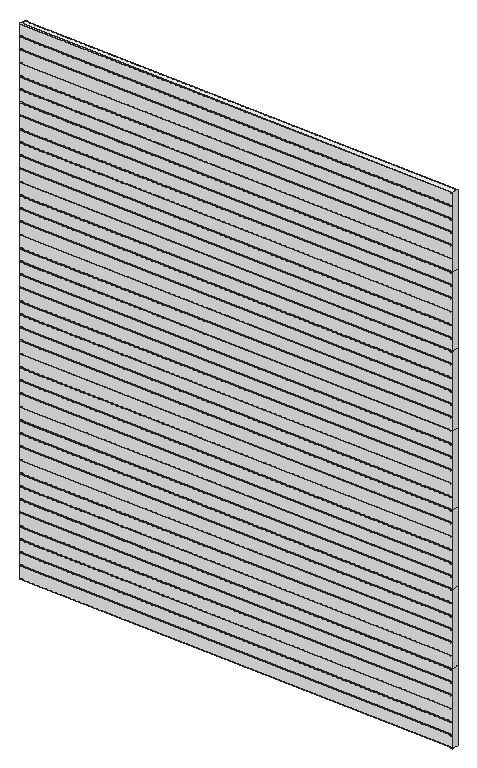
Revit family "3715-1Basic", category Doors, host Wall, Revit 2024
Family settings
  Host = Wall
  OmniClass Number = 23.30.10.17.37.14
  OmniClass Title = Sectional Overhead Doors
  Always vertical = Yes
  Cut with Voids When Loaded = No
  Shared = No
  Room Calculation Point = No
Parameters (values of type "By Type")
  Windload = "Doors available rated for various design pressures; consult Clopay for avaialbility and specifications"
  VisSection6 = NumSections = 6  # no
  VisSection5 = NumSections > 4  # yes
  VisSection4 = NumSections > 3  # yes
  VisSection3 = NumSections > 2  # yes
  VisArray = NumSections > 6  # yes
  URL = "www.clopaydoor.com"
  Track = "Galvanized steel (gauge varies according to door size)"
  Thickness = 0' - 2"  # constant formula
  Spec Wizard = "http://www.arcat.com/specwizard/08360clo/index.htm"
  Section Height = Height / NumSections  # 2' - 0"
  Sales Information = "http://www.clopaydoor.com/where-to-buy.aspx?type=dealer"
  Rough Width = 0' - 0"  # constant formula
  Rough Height = 0' - 0"  # constant formula
  R-Value = "12.9"
  Product Features and Benefits = "http://www.clopaydoor.com/insulated-polyurethane-applications.aspx"
  Overlapping Jamb = yes
  Overlap = if(Overlapping Jamb, 0' 1", 0' 0")  # 0' - 1"
  Opening Width = 12' - 0"
  Opening Height = 14' - 0"
  Omniclass Table = "23-30 10 17 37 "
  NumSectionsNotRounded = Height / 2' 0"  # 7
  NumSections = NumSectionsNotRounded + 0.4999  # 7
  NumArraySections = if(NumSections > 6, NumSections - 5, 2)  # 2
  Model = "3715"
  Maximum Size = "Maximum 32' 2'' wide by 26' 0'' high. Additional limitations may apply do to door weight. Consult Clopay for specificiations and shop drawings."  # constant formula
  Manufacturer Website = "http://www.clopaydoor.com"
  Manufacturer Phone Number = "1-800-526-4301"
  Manufacturer Address = "1400 W. Market St., Troy, OH 45373"
  Manufacturer = "Clopay Building Products Company"
  LEED = "http://products.construction.com/swts_content_files/151607/303186.pdf"
  Keynote = "08 36 13"
  Interior Steel = "28 ga. galvanized, primed, and finish painted"
  Hardware = "14 ga. min. steel hinges; 10-ball steel rollers"
  GreenFormat = "http://www.greenformat.com/products/1536-Polyurethane%20Insulated%20Doors.rtf"
  Function = Interior
  Height = Opening Height + Rough Width * 0  # 14' - 0"
  Wall Closure = By host
  Width = Opening Width + Rough Width * 0  # 12' - 0"
  FloorToSection7 = 6 * Section Height  # 12' - 0"
  FloorToSection6 = 5 * Section Height  # 10' - 0"
  FloorToSection5 = 4 * Section Height  # 8' - 0"
  FloorToSection4 = 3 * Section Height  # 6' - 0"
  FloorToSection3 = 2 * Section Height  # 4' - 0"
  FloorToSection2 = Section Height  # 2' - 0"
  File Revision = "02 (August, 2012)"
  Exterior Steel = "27 ga. galvanized, primed, and finish painted"
  Double End Stiles = Door Width > 14' 2"  # no
  Door Width = Opening Width + Overlap * 2  # 12' - 2"
  Door Height = Opening Height + Rough Width * 0  # 14' - 0"
  Description = "1-3/8'' thick polyurethane insulated, stucco embossed 27 gauge steel exterior with light ribbed pattern."
  Core Material = "Expanded polyurethane"
  Copyright = "2010, Clopay Building Products Company, Inc."
  Color = White
  CAD and Specifications = "http://www.clopaydoor.com/insulated-polyurethane-specs.aspx"
  Assembly Code = "B2030410"
Reference planes (in)
  plane 1 "Center (Front/Back)": y = 0
  plane 2 "Center (Left/Right)": x = 0
  plane 3 "Left": x = -72
  plane 4 "Right": x = 72
  plane 5 "Top": z = 168
  plane 6 "Exterior": y = 3
  plane 7 "Interior": y = -3
  plane 8: z = 120
  plane 9: z = 144
Lines and regions (in)
  Opening 1
    outline origin (-90, -3, 0) x (1, 0, 0) y (0, 0, 1)
      loop
        line (18, 0) -> (162, 0) -> (162, 168) -> (18, 168) -> (18, 0)
Text (in)
  text "Exterior" at (-74.96733, 27.31104, 0), in view "Ref. Level"
  text "Interior" at (-74.96733, -25.14366, 0), in view "Ref. Level"
  text "Exterior" at (0, 40.15149, 123.01588), in view "Right"
  text "Interior" at (0, -64.39139, 123.01588), in view "Right"
  text "Interior" at (0, -31.01599, 123.00693), in view "Left"
  text "Exterior" at (0, 54.57065, 123.00693), in view "Left"
Dimensions and locks (in)
  equal spacing: plane 3 "Left", plane 2 "Center (Left/Right)", plane 4 "Right"
  "Height": level to plane 5 "Top"
  "Width": plane 3 "Left" to plane 4 "Right"
  host wall to plane 5 "Top" = 14' - 0"
  nested 1 to plane 7 "Interior" = 0' - 0 1/2"
  "FloorToSection6": plane 8 to level
  "FloorToSection7": plane 9 to level
  group 1 to group 2 = 0' - 0"  (x2)
  group 1 to group 2 = 2' - 0"
  host wall to host wall = 67' - 6"
  aligned and locked: plane 3 "Left" to Opening 1 sketch curve
  aligned and locked: plane 5 "Top" to Opening 1 sketch curve  (x2)
  aligned and locked: Opening 1 sketch curve to plane 4 "Right"
  aligned and locked: Opening 1 sketch curve to level
  aligned and locked: plane 6 "Exterior" to host wall
  aligned and locked: host wall to plane 7 "Interior"
  aligned and locked: plane 2 "Center (Left/Right)" to nested 2
  aligned and locked: plane 2 "Center (Left/Right)" to nested 3
  aligned and locked: plane 2 "Center (Left/Right)" to nested 4
  aligned and locked: plane 2 "Center (Left/Right)" to nested 5
  aligned and locked: plane 2 "Center (Left/Right)" to nested 7
  aligned and locked: nested 7 to plane 8
  aligned and locked: nested 8 to plane 9
  aligned and locked: plane 7 "Interior" to nested 2
  aligned and locked: plane 7 "Interior" to nested 7
  aligned and locked: host wall to nested 8
  aligned and locked: plane 7 "Interior" to nested 3
  aligned and locked: host wall to nested 3
  aligned and locked: plane 7 "Interior" to nested 1
  aligned and locked: nested 2 to host wall
  aligned and locked: plane 7 "Interior" to nested 6
  aligned and locked: plane 7 "Interior" to nested 5
  aligned and locked: host wall to nested 7
  aligned and locked: plane 7 "Interior" to nested 4
Nested families (in)
  nested 1: "Section" at (0, 0, 0), type "Solid"
  nested 2: "Section" at (0, 0, 24), built-in parameter 1001364 <- "Section Height", type "Solid"
  nested 3: "Section" at (0, 0, 48), built-in parameter 1001364 <- "FloorToSection3", visible <- "VisSection3", type "Solid"
  nested 4: "Section" at (0, 0, 120), built-in parameter 1001364 <- "FloorToSection6", visible <- "VisSection6", type "Solid"
  nested 5: "Section" at (0, 0, 96), built-in parameter 1001364 <- "FloorToSection5", visible <- "VisSection5", type "Solid"
  nested 6: "Section" at (0, 0, 72), built-in parameter 1001364 <- "FloorToSection4", visible <- "VisSection4", type "Solid"
  nested 7: "Section" at (0, 0, 120), visible <- "VisArray", type "Solid"
  nested 8: "Section" at (0, 0, 144), visible <- "VisArray", type "Solid"
Definition of nested family "Section"
  Parameters
    X9 = if(if(NumArrayedWindows < NumWindows, NumArrayedWindows + 1, NumWindows) < 9, X1, X8 + 3' 8")  # 1' - 5 1/2"
    X8 = if(if(NumArrayedWindows < NumWindows, NumArrayedWindows + 1, NumWindows) < 8, X1, X7 + 3' 8")  # 1' - 5 1/2"
    X7 = if(if(NumArrayedWindows < NumWindows, NumArrayedWindows + 1, NumWindows) < 7, X1, X6 + 3' 8")  # 1' - 5 1/2"
    X6 = if(if(NumArrayedWindows < NumWindows, NumArrayedWindows + 1, NumWindows) < 6, X1, X5 + 3' 8")  # 1' - 5 1/2"
    X5 = if(if(NumArrayedWindows < NumWindows, NumArrayedWindows + 1, NumWindows) < 5, X1, X4 + 3' 8")  # 1' - 5 1/2"
    X4 = if(if(NumArrayedWindows < NumWindows, NumArrayedWindows + 1, NumWindows) < 4, X1, X3 + 3' 8")  # 1' - 5 1/2"
    X3 = if(NumWindows < 3, X1, X2 + 3' 8")  # 8' - 9 1/2"
    X2 = if(NumWindows < 2, ((Door Width - (NumWindows - 1) * 3' 8") / 2 - Cutout Width / 2), ((Door Width - (NumWindows - 1) * 3' 8") / 2 - Cutout Width / 2) + 3' 8")  # 5' - 1 1/2"
    WindowVis = no
    WindowCutDepth = -0' - 0 13/128"
    Section Height = 2' - 0"
    RibSpacing = Section Height / (NumRibs + 1)  # 0' - 4"
    NumWindows = if(Door Width < 9' 4", 2, if(Door Width < 13' 4", 3, if(Door Width < 16' 4", 4, if(Door Width < 20' 4", 5, if(Door Width < 24' 4", 6, if(Door Width < 26' 4", 7, if(Door Width < 31' 8", 8, 10)))))))  # 3
    NumRibs = if(Section Height < 1' 9", 3, if(Section Height < 2' 0", 4, 5))  # 5
    NumArrayedWindows = if(X2 = X1, NumWindows - 2, NumWindows)  # 3
    Half Section Height = Section Height / 2  # 1' - 0"
    Half Door Width Neg = -Half Door Width  # -6' - 1"
    Half Door Width = Door Width / 2  # 6' - 1"
    Half Cutout Height = Cutout Height / 2  # 0' - 3 1/2"
    Function = (empty or 0)
    Height = 0' - 0"
    Wall Closure = (empty or 0)
    Width = 0' - 0"
    X1 = if(or(Door Width > 31' 6", and(Door Width > 26' 2", Door Width < 28' 1"), Door Width = 24' 3", Door Width = 24' 4", and(Door Width > 20' 2", Door Width < 20' 11"), and(Door Width > 16' 2", Door Width < 17' 3")), X2, (Door Width - (NumWindows - 1) * 3' 8") / 2 - Cutout Width / 2)  # 1' - 5 1/2"
    Door Width = 12' - 2"
    CutoutToCutout = 1' - 0"
    Cutout Width = 1' - 11"
    Cutout Height = 0' - 7"
    Color = none
    BtmTo1stRib = RibSpacing  # 0' - 4"
    Assembly Code = ""
  Reference planes (in)
    plane 1 "Center (Front/Back)": y = 0
    plane 2 "Center (Left/Right)": x = 0
    plane 3 "Exterior": y = 3
    plane 4 "Interior": y = -3
    plane 5: y = -3.5
    plane 6: x = 73
    plane 7: x = -73
    plane 8: z = 4
    plane 9: z = 8
    plane 10: z = 24
    plane 11: z = 12
    plane 12: z = 0
  Forms (in)
    Extrusion 1, solid, material <- "Color"
      sketch origin (-73, -12, 83.08252) x (0, 0, 1) y (0, -1, 0)
        loop
          line (-59.08252, -8.37573) -> (-59.08252, -6.62444)
          arc (-59.08252, -6.62444) -> (-59.11897, -6.53645) -> (-59.20696, -6.5) r 0.12444
          line (-59.20696, -6.5) -> (-82.95809, -6.5)
          arc (-82.95809, -6.5) -> (-83.04608, -6.53645) -> (-83.08252, -6.62444) r 0.12444
          line (-83.08252, -6.62444) -> (-83.08252, -8.37573)
          arc (-83.08252, -8.37573) -> (-83.04612, -8.4636) -> (-82.95825, -8.5) r 0.12427
          line (-82.95825, -8.5) -> (-59.20679, -8.5)
          arc (-59.20679, -8.5) -> (-59.11892, -8.4636) -> (-59.08252, -8.37573) r 0.12427
      from 0 to 146 <- "Door Width"
    Extrusion 2, void
      sketch origin (0, 0, -0.5) x (0, -1, 0) y (0, 0, 1)
        loop
          line (3.5, 4.62727) -> (3.5, 4.37273) -> (3.53032, 4.41942)
          arc (3.53032, 4.41942) -> (3.53753, 4.43506) -> (3.54, 4.4521) r 0.06
          line (3.54, 4.4521) -> (3.54, 4.5479)
          arc (3.54, 4.5479) -> (3.53753, 4.56494) -> (3.53032, 4.58058) r 0.06
          line (3.53032, 4.58058) -> (3.5, 4.62727)
      from -73 <- "Half Door Width Neg" to 146 <- "Door Width"
    Extrusion 3, void
      sketch origin (0, 0, 3.5) x (0, -1, 0) y (0, 0, 1)
        loop
          line (3.5, 4.62727) -> (3.5, 4.37273) -> (3.53032, 4.41942)
          arc (3.53032, 4.41942) -> (3.53753, 4.43506) -> (3.54, 4.4521) r 0.06
          line (3.54, 4.4521) -> (3.54, 4.5479)
          arc (3.54, 4.5479) -> (3.53753, 4.56494) -> (3.53032, 4.58058) r 0.06
          line (3.53032, 4.58058) -> (3.5, 4.62727)
      from -73 <- "Half Door Width Neg" to 146 <- "Door Width"
    Extrusion 4, void
      sketch origin (0, 0, 7.5) x (0, -1, 0) y (0, 0, 1)
        loop
          line (3.5, 4.62727) -> (3.5, 4.37273) -> (3.53032, 4.41942)
          arc (3.53032, 4.41942) -> (3.53753, 4.43506) -> (3.54, 4.4521) r 0.06
          line (3.54, 4.4521) -> (3.54, 4.5479)
          arc (3.54, 4.5479) -> (3.53753, 4.56494) -> (3.53032, 4.58058) r 0.06
          line (3.53032, 4.58058) -> (3.5, 4.62727)
      from -73 <- "Half Door Width Neg" to 146 <- "Door Width"
    Extrusion 5, void
      sketch origin (0, -8.99984, -0.5) x (0, 1, 0) y (0, 0, -1)
        loop
          line (3.5, -4.62727) -> (3.53032, -4.58058)
          arc (3.53032, -4.58058) -> (3.53753, -4.56494) -> (3.54, -4.5479) r 0.06
          line (3.54, -4.5479) -> (3.54, -4.4521)
          arc (3.54, -4.4521) -> (3.53753, -4.43506) -> (3.53032, -4.41942) r 0.06
          line (3.53032, -4.41942) -> (3.5, -4.37273) -> (3.5, -4.62727)
      from -73 <- "Half Door Width Neg" to 146 <- "Door Width"
    Extrusion 6, void
      sketch origin (0, -8.99984, 3.5) x (0, 1, 0) y (0, 0, -1)
        loop
          line (3.5, -4.62727) -> (3.53032, -4.58058)
          arc (3.53032, -4.58058) -> (3.53753, -4.56494) -> (3.54, -4.5479) r 0.06
          line (3.54, -4.5479) -> (3.54, -4.4521)
          arc (3.54, -4.4521) -> (3.53753, -4.43506) -> (3.53032, -4.41942) r 0.06
          line (3.53032, -4.41942) -> (3.5, -4.37273) -> (3.5, -4.62727)
      from -73 <- "Half Door Width Neg" to 146 <- "Door Width"
    Extrusion 7, void
      sketch origin (0, -8.99984, 7.5) x (0, 1, 0) y (0, 0, -1)
        loop
          line (3.5, -4.62727) -> (3.53032, -4.58058)
          arc (3.53032, -4.58058) -> (3.53753, -4.56494) -> (3.54, -4.5479) r 0.06
          line (3.54, -4.5479) -> (3.54, -4.4521)
          arc (3.54, -4.4521) -> (3.53753, -4.43506) -> (3.53032, -4.41942) r 0.06
          line (3.53032, -4.41942) -> (3.5, -4.37273) -> (3.5, -4.62727)
      from -73 <- "Half Door Width Neg" to 146 <- "Door Width"
    Extrusion 8, void
      sketch origin (0, 0, 11.5) x (0, -1, 0) y (0, 0, 1)
        loop
          line (3.5, 4.62727) -> (3.5, 4.37273) -> (3.53032, 4.41942)
          arc (3.53032, 4.41942) -> (3.53753, 4.43506) -> (3.54, 4.4521) r 0.06
          line (3.54, 4.4521) -> (3.54, 4.5479)
          arc (3.54, 4.5479) -> (3.53753, 4.56494) -> (3.53032, 4.58058) r 0.06
          line (3.53032, 4.58058) -> (3.5, 4.62727)
      from -73 <- "Half Door Width Neg" to 146 <- "Door Width"
    Extrusion 9, void
      sketch origin (0, -8.99984, 11.5) x (0, 1, 0) y (0, 0, -1)
        loop
          line (3.5, -4.62727) -> (3.53032, -4.58058)
          arc (3.53032, -4.58058) -> (3.53753, -4.56494) -> (3.54, -4.5479) r 0.06
          line (3.54, -4.5479) -> (3.54, -4.4521)
          arc (3.54, -4.4521) -> (3.53753, -4.43506) -> (3.53032, -4.41942) r 0.06
          line (3.53032, -4.41942) -> (3.5, -4.37273) -> (3.5, -4.62727)
      from -73 <- "Half Door Width Neg" to 146 <- "Door Width"
    Extrusion 10, void
      sketch origin (0, 0, 15.5) x (0, -1, 0) y (0, 0, 1)
        loop
          line (3.5, 4.62727) -> (3.5, 4.37273) -> (3.53032, 4.41942)
          arc (3.53032, 4.41942) -> (3.53753, 4.43506) -> (3.54, 4.4521) r 0.06
          line (3.54, 4.4521) -> (3.54, 4.5479)
          arc (3.54, 4.5479) -> (3.53753, 4.56494) -> (3.53032, 4.58058) r 0.06
          line (3.53032, 4.58058) -> (3.5, 4.62727)
      from -73 <- "Half Door Width Neg" to 146 <- "Door Width"
    Extrusion 11, void
      sketch origin (0, -8.99984, 15.5) x (0, 1, 0) y (0, 0, -1)
        loop
          line (3.5, -4.62727) -> (3.53032, -4.58058)
          arc (3.53032, -4.58058) -> (3.53753, -4.56494) -> (3.54, -4.5479) r 0.06
          line (3.54, -4.5479) -> (3.54, -4.4521)
          arc (3.54, -4.4521) -> (3.53753, -4.43506) -> (3.53032, -4.41942) r 0.06
          line (3.53032, -4.41942) -> (3.5, -4.37273) -> (3.5, -4.62727)
      from -73 <- "Half Door Width Neg" to 146 <- "Door Width"
  Cuts and joins
    Extrusion 2, Extrusion 3, Extrusion 4, Extrusion 5, Extrusion 6, Extrusion 7, Extrusion 8, Extrusion 9, Extrusion 10, Extrusion 11 cuts Extrusion 1
  Lines and regions (in)
    reference lines
      curve 1: line (-72, -3.54, 4) -> (-72, -3.5, 4)
      curve 2: line (-72, -5.45984, 4) -> (-72, -5.49984, 4)
      curve 3: line (-72, -3.54, 8) -> (-72, -3.5, 8)
      curve 4: line (-72, -3.54, 12) -> (-72, -3.5, 12)
      curve 5: line (-72, -5.45984, 4) -> (-72, -5.49984, 4)
      curve 6: line (-72, -5.45984, 8) -> (-72, -5.49984, 8)
      curve 7: line (-72, -5.45984, 12) -> (-72, -5.49984, 12)
      curve 8: line (-72, -3.54, 16) -> (-72, -3.5, 16)
      curve 9: line (-72, -5.45984, 16) -> (-72, -5.49984, 16)
      curve 10: line (-72, -3.54, 20) -> (-72, -3.5, 20)
      curve 11: line (-72, -5.45984, 20) -> (-72, -5.49984, 20)
  Text (in)
    text "Exterior" at (-74.96733, 27.31104, 0), in view "Ref. Level"
    text "Interior" at (-74.96733, -25.14366, 0), in view "Ref. Level"
    text "Exterior" at (0, 40.15149, 123.01588), in view "Right"
    text "Interior" at (0, -64.39139, 123.01588), in view "Right"
    text "Interior" at (0, -31.01599, 123.00693), in view "Left"
    text "Exterior" at (0, 54.57065, 123.00693), in view "Left"
  Dimensions and locks (in)
    plane 4 "Interior" to plane 5 = 0' - 0 1/2"
    "Half Door Width": plane 2 "Center (Left/Right)" to plane 7
    "Half Door Width": plane 6 to plane 2 "Center (Left/Right)"
    Extrusion 1 sketch curve to Extrusion 1 sketch curve = 0' - 2"
    Extrusion 2 sketch curve to Extrusion 2 sketch curve = 0' - 0.25454"
    Extrusion 2 sketch curve to Extrusion 2 sketch curve = 0' - 0.04"  (x2)
    "BtmTo1stRib": plane 8 to level
    curve 1 to Extrusion 2 sketch curve = 0' - 0.12727"
    "RibSpacing": plane 9 to plane 8
    "Section Height": plane 10 to level
    Extrusion 3 sketch curve to Extrusion 3 sketch curve = 0' - 0.25454"
    Extrusion 3 sketch curve to Extrusion 3 sketch curve = 0' - 0.04"  (x2)
    curve 3 to Extrusion 3 sketch curve = 0' - 0.12727"
    equal spacing: group 1, group 2, group 3, group 4, group 5  (x3)
    Extrusion 4 sketch curve to Extrusion 4 sketch curve = 0' - 0.25454"
    Extrusion 4 sketch curve to Extrusion 4 sketch curve = 0' - 0.04"  (x2)
    curve 4 to Extrusion 4 sketch curve = 0' - 0.12727"
    Extrusion 5 sketch curve to Extrusion 5 sketch curve = 0' - 0.25454"
    Extrusion 5 sketch curve to Extrusion 5 sketch curve = 0' - 0.04"  (x2)
    Extrusion 5 sketch curve to curve 5 = 0' - 0.12727"
    Extrusion 6 sketch curve to Extrusion 6 sketch curve = 0' - 0.25454"
    Extrusion 6 sketch curve to Extrusion 6 sketch curve = 0' - 0.04"  (x2)
    Extrusion 6 sketch curve to curve 6 = 0' - 0.12727"
    Extrusion 7 sketch curve to Extrusion 7 sketch curve = 0' - 0.25454"
    Extrusion 7 sketch curve to Extrusion 7 sketch curve = 0' - 0.04"  (x2)
    Extrusion 7 sketch curve to curve 7 = 0' - 0.12727"
    "Half Section Height": level to plane 11
    Extrusion 8 sketch curve to Extrusion 8 sketch curve = 0' - 0.25454"
    Extrusion 8 sketch curve to Extrusion 8 sketch curve = 0' - 0.04"  (x2)
    curve 8 to Extrusion 8 sketch curve = 0' - 0.12727"
    Extrusion 9 sketch curve to Extrusion 9 sketch curve = 0' - 0.25454"
    Extrusion 9 sketch curve to Extrusion 9 sketch curve = 0' - 0.04"  (x2)
    Extrusion 9 sketch curve to curve 9 = 0' - 0.12727"
    Extrusion 10 sketch curve to Extrusion 10 sketch curve = 0' - 0.25454"
    Extrusion 10 sketch curve to Extrusion 10 sketch curve = 0' - 0.04"  (x2)
    curve 10 to Extrusion 10 sketch curve = 0' - 0.12727"
    Extrusion 11 sketch curve to Extrusion 11 sketch curve = 0' - 0.25454"
    Extrusion 11 sketch curve to Extrusion 11 sketch curve = 0' - 0.04"  (x2)
    Extrusion 11 sketch curve to curve 11 = 0' - 0.12727"
    locked: plane 4 "Interior" to cut or joined group 1 (Extrusion 1, Extrusion 2, Extrusion 3, Extrusion 4, Extrusion 5, Extrusion 6, Extrusion 7, Extrusion 8, Extrusion 9, Extrusion 10, Extrusion 11) at 0.5
    radius of Extrusion 1 sketch curve = 0' - 0.12427"  (x2)
    radius of Extrusion 1 sketch curve = 0' - 0.12444"  (x2)
    angle Extrusion 2 sketch curve to Extrusion 2 sketch curve = 147.00°  (x2)
    angle Extrusion 3 sketch curve to Extrusion 3 sketch curve = 147.00°  (x2)
    angle Extrusion 4 sketch curve to Extrusion 4 sketch curve = 147.00°  (x2)
    angle Extrusion 5 sketch curve to Extrusion 5 sketch curve = 147.00°  (x2)
    angle Extrusion 6 sketch curve to Extrusion 6 sketch curve = 147.00°  (x2)
    angle Extrusion 7 sketch curve to Extrusion 7 sketch curve = 147.00°  (x2)
    angle Extrusion 8 sketch curve to Extrusion 8 sketch curve = 147.00°  (x2)
    angle Extrusion 9 sketch curve to Extrusion 9 sketch curve = 147.00°  (x2)
    angle Extrusion 10 sketch curve to Extrusion 10 sketch curve = 147.00°  (x2)
    angle Extrusion 11 sketch curve to Extrusion 11 sketch curve = 147.00°  (x2)
    aligned and locked: Extrusion 1 sketch curve to plane 5
    aligned and locked: plane 8 to curve 1
    aligned and locked: plane 9 to curve 3
    aligned: cut or joined group 1 to cut or joined group 1  (x9)
    aligned and locked: plane 12 to level
  Automatic sketch dimensions
    curve 2 to curve 1 = 0' - 1.91984"
    curve 1 to curve 1 = 0' - 0.04"  (x2)
    curve 1 to curve 2 = 0' - 1.91984"
    curve 2 to curve 2 = 0' - 0.04"  (x2)
    Extrusion 2 sketch curve to Extrusion 2 sketch curve = 0' - 0"
    Extrusion 2 sketch curve to Extrusion 2 sketch curve = 0' - 0.02"
    Extrusion 2 sketch curve to Extrusion 2 sketch curve = 0' - 0.00968"  (x2)
    curve 5 to curve 1 = 0' - 0"
    curve 1 to curve 5 = 0' - 1.91984"
    curve 5 to curve 5 = 0' - 0.04"
    Extrusion 5 sketch curve to Extrusion 5 sketch curve = 0' - 0"
    Extrusion 5 sketch curve to Extrusion 5 sketch curve = 0' - 0.02"
    Extrusion 5 sketch curve to Extrusion 5 sketch curve = 0' - 0.00968"  (x2)
    Extrusion 3 sketch curve to Extrusion 3 sketch curve = 0' - 0"
    Extrusion 3 sketch curve to Extrusion 3 sketch curve = 0' - 0.02"
    Extrusion 3 sketch curve to Extrusion 3 sketch curve = 0' - 0.00968"  (x2)
    curve 6 to curve 3 = 0' - 0"
    curve 3 to curve 3 = 0' - 0.04"
    curve 3 to curve 6 = 0' - 1.91984"
    curve 6 to curve 6 = 0' - 0.04"
    Extrusion 4 sketch curve to Extrusion 4 sketch curve = 0' - 0"
    Extrusion 4 sketch curve to Extrusion 4 sketch curve = 0' - 0.02"
    Extrusion 4 sketch curve to Extrusion 4 sketch curve = 0' - 0.00968"  (x2)
    curve 7 to curve 4 = 0' - 0"
    curve 4 to curve 4 = 0' - 0.04"
    curve 4 to curve 7 = 0' - 1.91984"
    curve 7 to curve 7 = 0' - 0.04"
    Extrusion 7 sketch curve to Extrusion 7 sketch curve = 0' - 0.00968"
    Extrusion 6 sketch curve to Extrusion 6 sketch curve = 0' - 0.00968"
    curve 2 to plane 8 = 0' - 0"
    curve 2 to plane 5 = 0' - 1.95984"
    Extrusion 1 sketch curve to plane 10 = 0' - 0"
    Extrusion 1 sketch curve to level = 0' - 0"
    Extrusion 8 sketch curve to Extrusion 8 sketch curve = 0' - 0"
    Extrusion 8 sketch curve to Extrusion 8 sketch curve = 0' - 0.02"
    Extrusion 8 sketch curve to Extrusion 8 sketch curve = 0' - 0.00968"  (x2)
    curve 9 to curve 8 = 0' - 0"
    curve 8 to curve 8 = 0' - 0.04"
    curve 8 to curve 9 = 0' - 1.91984"
    curve 9 to curve 9 = 0' - 0.04"
    Extrusion 9 sketch curve to Extrusion 9 sketch curve = 0' - 0"
    Extrusion 9 sketch curve to Extrusion 9 sketch curve = 0' - 0.02"
    Extrusion 9 sketch curve to Extrusion 9 sketch curve = 0' - 0.00968"  (x2)
    Extrusion 10 sketch curve to Extrusion 10 sketch curve = 0' - 0"
    Extrusion 10 sketch curve to Extrusion 10 sketch curve = 0' - 0.02"
    Extrusion 10 sketch curve to Extrusion 10 sketch curve = 0' - 0.00968"  (x2)
    curve 11 to curve 10 = 0' - 0"
    curve 10 to curve 10 = 0' - 0.04"
    curve 10 to curve 11 = 0' - 1.91984"
    curve 11 to curve 11 = 0' - 0.04"
    Extrusion 11 sketch curve to Extrusion 11 sketch curve = 0' - 0"
    Extrusion 11 sketch curve to Extrusion 11 sketch curve = 0' - 0.02"
    Extrusion 11 sketch curve to Extrusion 11 sketch curve = 0' - 0.00968"  (x2)
